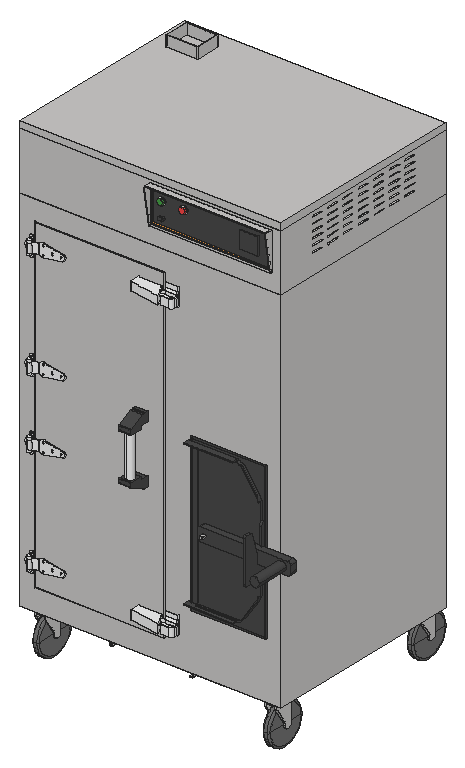
Revit family "QF_Southern Pride_SRG-400", category Specialty Equipment, Revit 2019
Family settings
  Round Connector Dimension = Use Diameter
  Part Type = Normal
  OmniClass Number = 23.40.40.00
  OmniClass Title = Food Service Equipment and Furnishings
  Work Plane-Based = No
  Always vertical = Yes
  Cut with Voids When Loaded = No
  Shared = No
  Room Calculation Point = No
Parameters
  Width = 40.750"  # constant formula
  Weight in Pounds = 780
  Watermarked By = ""
  Volts = 120 V
  URL Cutsheet = "https://www.southernpride.com/assets/uploads/Current%20Spec%20Sheets/2018_SRG-400_Spec%20Sheet%20120v_V1.pdf"
  URL = "www.southernpride.com"
  Status [instance] = ""
  Specification by User [instance] = ""
  Specification by Manufacturer [instance] = ""
  Show Clearance [instance] = yes
  Serial Number [instance] = ""
  Revision Code [instance] = ""
  Phase = 1
  Number of Poles [instance] = 1
  NAFEM Spec ID Number [instance] = ""
  Model = "SRG-400"
  Mechanical Remarks [instance] = ""
  Mechanical Connection Type [instance] = ""
  Masterspec [instance] = ""
  Manufacturer = "Southern Pride"  # constant formula
  Caster Height = 7.500"  # constant formula
  Item Number [instance] = "-"
  Installed By [instance] = ""
  Gas Size = 1/2"
  Gas RI Height [instance] = 0.000"
  Gas KW = 19
  Gas Input = 65000.0 Btu/h
  Gas Connection Height = 21.000"
  Furnished By [instance] = ""
  Foodservice Equipment Identifier = yes
  FL Amps = 15 A
  Electrical Remarks [instance] = ""
  Electric Connection Type = ""
  Elec Conn RI Height [instance] = 0.000"
  Elec Conn Connection Height = 30.125"
  Door Width = 20.000"  # constant formula
  Door Height = 51.000"  # constant formula
  Description = "Stationary Rack Smoker, Gas-Fired Wood Burning"
  Depth = 32.125"  # constant formula
  Cycle = 60 Hz
  Content Creator URL = "http://foodeqsym.com/"
  Content Creator = "Foodservice Equipment Symbols, LLC"  # constant formula
  Content Created = "01/04/2023"  # constant formula
  Conn Plug = "NEMA 5-15P"
  CSI MasterFormat = "11 44 00"
  Box Height = 67.875"  # constant formula
  Assembly Code = "E1090320"
  Apparent Power = if(Phase = 3, Volts * FL Amps * 1.73, Volts * FL Amps)  # 1800 VA
Reference planes
  plane 1 "BACK": y = 0
  plane 2: z = 0
  plane 3 "RIGHT": x = 963.531
  plane 4 "TOP": z = 1914.525
  plane 5 "LEFT": x = -71.519
  plane 6 "FRONT": y = -815.975
  plane 7 "Box Bottom": z = 190.5
  plane 8 "Vent Top": z = 1955.8
  plane 9 "Door Left": x = -8.019
  plane 10 "Door Right": x = 499.981
  plane 11 "Door Back": y = -790.575
  plane 12 "Center LR": x = 446.006
  plane 13 "Control Panel Left": x = 442.831
  plane 14 "Control Panel Right": x = 925.431
  plane 15 "Control Panel Left Inside": x = 446.006
  plane 16 "Control Panel Right Inside": x = 922.256
  plane 17 "Gas Connection CL LR": x = 753.981
  plane 18 "Gas Connection CL Elev": z = 533.4
  plane 19 "Gas Connection to Box": z = 715.962
  plane 20 "Gas Connection Bottom": z = 442.912
  plane 21 "Electrical Connection CL Elev": z = 765.175
  plane 22 "Gas Connection CL FB": y = 38.1
  plane 23 "Rear Clearance": y = 457.2
  plane 24 "Front Clearance": y = -2035.175
  plane 25 "Top Clearance": z = 2371.725
  plane 26 "Gearbox Clearance": x = -122.319
  plane 27 "Firebox Side Clearance": x = 1014.331
  plane 28 "Control Panel Bottom": z = 1725.613
  plane 29 "Control Panel Top": z = 1878.013
  plane 30 "Access Back": y = 88.9
  plane 31 "Door Bottom": z = 279.4
  plane 32 "Door Top": z = 1574.8
  plane 33 "Top Inside": z = 1660.525
  plane 34: z = 1889.125
Forms (mm)
  Extrusion 1, solid, material "QF_Stainless-Polished"
    sketch origin (0, 0, 0) x (1, 0, 0) y (0, 0, 1)
      loop
        line (-71.519, 1660.525) -> (-71.519, 190.5) -> (963.531, 190.5) -> (963.531, 1660.525) -> (-71.519, 1660.525)
    from 0 to 815.975
  Extrusion 2, void
    sketch origin (0, -790.575, 0) x (1, 0, 0) y (0, 0, 1)
      loop
        line (-12.795, 1579.575) -> (-12.795, 274.625) -> (504.756, 274.625) -> (504.756, 1579.575) -> (-12.795, 1579.575)
    from 0 to 25.4
  Extrusion 3, solid, material "QF_Stainless-Polished"
    sketch origin (0, 0, 1914.525) x (0, 1, 0) y (-1, 0, 0)
      loop
        arc (-161.925, 14.369) -> (-164.17, 13.439) -> (-165.1, 11.194) r 3.175
        line (-165.1, 11.194) -> (-165.1, -109.456)
        arc (-165.1, -109.456) -> (-164.17, -111.701) -> (-161.925, -112.631) r 3.175
        line (-161.925, -112.631) -> (-66.675, -112.631)
        arc (-66.675, -112.631) -> (-64.43, -111.701) -> (-63.5, -109.456) r 3.175
        line (-63.5, -109.456) -> (-63.5, 11.194)
        arc (-63.5, 11.194) -> (-64.43, 13.439) -> (-66.675, 14.369) r 3.175
        line (-66.675, 14.369) -> (-161.925, 14.369)
      loop
        line (-66.675, 11.194) -> (-161.925, 11.194) -> (-161.925, -109.456) -> (-66.675, -109.456) -> (-66.675, 11.194)
    from 0 to 41.275
  Extrusion 4, solid, material "QF_Stainless-Polished"
    sketch origin (442.831, 0, 0) x (0, 1, 0) y (0, 0, 1)
      loop
        line (-815.975, 1725.613) -> (-815.975, 1874.837) -> (-837.106, 1874.837)
        arc (-837.106, 1874.837) -> (-841.937, 1872.609) -> (-843.377, 1867.487) r 6.35
        line (-843.377, 1867.487) -> (-820.737, 1725.613) -> (-815.975, 1725.613)
    from 0 to 3.175
  Extrusion 5, solid, material "QF_Stainless-Polished"
    sketch origin (922.256, 0, 0) x (0, 1, 0) y (0, 0, 1)
      loop
        line (-815.975, 1874.837) -> (-837.106, 1874.837)
        arc (-837.106, 1874.837) -> (-841.937, 1872.609) -> (-843.377, 1867.487) r 6.35
        line (-843.377, 1867.487) -> (-820.737, 1725.613) -> (-815.975, 1725.613) -> (-815.975, 1874.837)
    from 0 to 3.175
  Extrusion 6, solid, material "QF_Stainless-Polished"
    sketch origin (446.006, 0, 0) x (0, 1, 0) y (0, 0, 1)
      loop
        line (-815.975, 1725.613) -> (-815.975, 1878.013) -> (-846.137, 1878.013) -> (-846.137, 1876.425) -> (-817.562, 1876.425) -> (-817.562, 1725.613) -> (-815.975, 1725.613)
    from 0 to 476.25
  Extrusion 7, solid, material "QF_Plastic-Orange"
    sketch origin (0, -815.975, 0) x (1, 0, 0) y (0, 0, 1)
      loop
        line (452.356, 1865.313) -> (452.356, 1738.313) -> (915.906, 1738.313) -> (915.906, 1865.313) -> (452.356, 1865.313)
      loop
        line (455.531, 1862.138) -> (455.531, 1741.488) -> (912.731, 1741.488) -> (912.731, 1862.138) -> (455.531, 1862.138)
    from 1.587 to 3.175
  Extrusion 8, solid, material "QF_Plastic-Black-Matte"
    sketch origin (0, -815.975, 0) x (1, 0, 0) y (0, 0, 1)
      loop
        line (452.356, 1865.313) -> (452.356, 1738.313) -> (915.906, 1738.313) -> (915.906, 1865.313) -> (452.356, 1865.313)
      loop
        line (455.531, 1862.138) -> (455.531, 1741.488) -> (912.731, 1741.488) -> (912.731, 1862.138) -> (455.531, 1862.138)
      loop
        line (449.181, 1868.488) -> (449.181, 1735.138) -> (919.081, 1735.138) -> (919.081, 1868.488) -> (449.181, 1868.488)
      loop
        circle (493.631, 1830.388) r 11.113
      loop
        circle (580.943, 1830.388) r 11.113
      loop
        line (487.281, 1763.713) -> (499.981, 1763.713)
        arc (499.981, 1763.713) -> (503.156, 1770.063) -> (499.981, 1776.413) r 7.938
        line (499.981, 1776.413) -> (487.281, 1776.413)
        arc (487.281, 1776.413) -> (484.106, 1770.063) -> (487.281, 1763.713) r 7.938
      loop
        line (876.218, 1839.913) -> (804.781, 1839.913) -> (804.781, 1770.063) -> (876.218, 1770.063) -> (876.218, 1839.913)
    from 1.6 to 3.175
  Extrusion 9, solid, material "QF_Plastic-Black-Fine Textured"
    sketch origin (0, -815.975, 0) x (1, 0, 0) y (0, 0, 1)
      loop
        line (804.781, 1839.913) -> (804.781, 1770.063) -> (876.218, 1770.063) -> (876.218, 1839.913) -> (804.781, 1839.913)
    from 1.6 to 6.35
  Extrusion 10, solid, material "QF_Plastic-Black-Fine Textured"
    sketch origin (0, -815.975, 0) x (1, 0, 0) y (0, 0, 1)
      loop
        arc (487.281, 1776.413) -> (484.106, 1770.063) -> (487.281, 1763.713) r 7.938
        line (487.281, 1763.713) -> (499.981, 1763.713)
        arc (499.981, 1763.713) -> (503.156, 1770.063) -> (499.981, 1776.413) r 7.938
        line (499.981, 1776.413) -> (487.281, 1776.413)
    from 1.6 to 12.7
  Extrusion 11, solid, material "QF_Plastic-Green"
    sketch origin (0, -815.975, 0) x (1, 0, 0) y (0, 0, 1)
      loop
        circle (493.631, 1830.388) r 11.112
    from 1.6 to 12.7
  Extrusion 12, solid, material "QF_Plastic-Red"
    sketch origin (0, -815.975, 0) x (1, 0, 0) y (0, 0, 1)
      loop
        circle (580.943, 1830.388) r 11.112
    from 1.6 to 12.7
  Extrusion 13, solid, material "QF_Steel-Chrome Plated"
    sketch origin (0, -815.975, 0) x (1, 0, 0) y (0, 0, 1)
      loop
        circle (493.631, 1830.388) r 11.112
      loop
        circle (493.631, 1830.388) r 14.287
      loop
        circle (580.943, 1830.388) r 11.112
      loop
        circle (580.943, 1830.388) r 14.287
    from 3.175 to 6.35
  Revolve 14, solid, material "QF_Stainless-Polished"
    sketch origin (753.981, 0, -12.7) x (0, 1, 0) y (0, 0, 1)
      loop
        line (0, 735.013) -> (17.094, 735.013) -> (17.094, 743.941) -> (10.871, 743.941) -> (10.871, 739.458) -> (0, 739.458) -> (0, 735.013)
      axis (17.094, 728.663) -> (0, 728.663)
    angle from 0 to 360
  Sweep 15, solid, material "QF_Stainless-Polished"
    path origin (753.981, 0, -12.7) x (0, 1, 0) y (0, 0, 1)
      loop
        line (17.094, 728.663) -> (19.05, 728.663)
        arc (19.05, 728.663) -> (32.52, 723.083) -> (38.1, 709.613) r 19.05
        line (38.1, 709.613) -> (38.1, 706.438)
    profile origin (753.981, 18.072, 715.962) x (0, 0, 1) y (1, 0, 0)
      loop
        circle (0, 0) r 6.35
      loop
        circle (0, 0) r 12.7
  Revolve 16, solid, material "QF_Stainless-Polished"
    sketch origin (753.981, 0, 123.825) x (0, 1, 0) y (0, 0, 1)
      loop
        line (44.45, 569.912) -> (44.45, 329.555) -> (38.1, 329.555) -> (38.1, 319.087) -> (44.132, 319.087)
        arc (44.132, 319.087) -> (47.725, 320.575) -> (49.213, 324.167) r 5.08
        line (49.213, 324.167) -> (49.213, 329.555) -> (53.378, 329.555) -> (53.378, 334.635) -> (49.213, 334.635) -> (49.213, 384.175) -> (53.378, 384.175) -> (53.378, 389.255) -> (49.212, 389.255) -> (49.212, 428.307) -> (53.378, 428.307) -> (53.378, 433.387) -> (49.212, 433.387) -> (49.212, 478.653) -> (53.149, 478.653) -> (53.149, 489.625) -> (48.8, 489.625) -> (48.8, 495.617) -> (48.8, 544.258) -> (53.149, 544.258) -> (53.149, 555.231) -> (48.895, 555.231) -> (48.895, 563.689) -> (53.378, 563.689) -> (53.378, 569.912) -> (44.45, 569.912)
      axis (38.1, 569.912) -> (38.1, 319.087)
    angle from 0 to 360
  Extrusion 17, void
    sketch origin (0, 80.963, -12.7) x (1, 0, 0) y (0, 0, 1)
      loop
        circle (753.981, 546.1) r 6.35
    from 0 to 42.863
  Revolve 18, solid, material "QF_Stainless-Polished"
    sketch origin (753.981, -730.25, 793.75) x (0, 0, -1) y (0, 1, 0)
      loop
        line (266.7, 793.75) -> (266.7, 768.35) -> (269.875, 768.35) -> (269.875, 788.67) -> (275.628, 788.67) -> (275.628, 793.75) -> (266.7, 793.75)
      axis (260.35, 793.75) -> (260.35, 768.35)
    angle from 0 to 360
  Extrusion 19, solid, material "QF_Stainless-Polished"
    sketch origin (753.981, 0, -34.925) x (0, 1, 0) y (0, 0, 1)
      loop
        line (22.352, 703.009) -> (22.352, 648.375) -> (60.452, 648.375) -> (60.452, 703.009) -> (22.352, 703.009)
    from -25.121 to 25.121
  Extrusion 20, solid, material "QF_Stainless-Polished"
    sketch origin (0, 80.963, -22.225) x (1, 0, 0) y (0, 0, 1)
      loop
        circle (753.981, 662.992) r 8.052
    from 0 to 20.511
  Extrusion 21, solid, material "QF_Stainless-Polished"
    sketch origin (800.1, 0, 715.962) x (0, 1, 0) y (-1, 0, 0)
      loop
        line (78.753, 25.164) -> (78.753, 67.074)
        arc (78.753, 67.074) -> (70.803, 75.025) -> (62.852, 67.074) r 7.95
        line (62.852, 67.074) -> (62.852, 25.164)
        arc (62.852, 25.164) -> (70.803, 17.214) -> (78.753, 25.164) r 7.95
    from -77.724 to -72.644
  Extrusion 22, void
    sketch origin (0, 0, 0) x (1, 0, 0) y (0, 0, 1)
      loop
        circle (884.156, 765.175) r 12.7
    from 0 to 1.6
  Extrusion 23, solid, material "QF_Clearance", visible <- "Show Clearance", detail levels coarse+medium
    sketch origin (0, 0, 0) x (1, 0, 0) y (0, 1, 0)
      loop
        line (-122.319, 457.2) -> (-122.319, 88.9) -> (1014.331, 88.9) -> (1014.331, 457.2) -> (-122.319, 457.2)
    from 0 to 1914.525
  Extrusion 24, solid, material "QF_Clearance", visible <- "Show Clearance", detail levels coarse+medium
    sketch origin (92.45, -27.446, 0) x (1, 0, 0) y (0, 1, 0)
      loop
        line (-214.77, 116.346) -> (-214.77, -788.529) -> (-163.97, -788.529) -> (-163.97, 116.346) -> (-214.77, 116.346)
    from 0 to 1914.525
  Extrusion 25, solid, material "QF_Clearance", visible <- "Show Clearance", detail levels coarse+medium
    sketch origin (0, 0, 0) x (1, 0, 0) y (0, 1, 0)
      loop
        line (963.531, 88.9) -> (963.531, -815.975) -> (1014.331, -815.975) -> (1014.331, 88.9) -> (963.531, 88.9)
    from 0 to 1914.525
  Extrusion 26, solid, material "QF_Clearance", visible <- "Show Clearance", detail levels coarse+medium
    sketch origin (0, 0, 0) x (1, 0, 0) y (0, 1, 0)
      loop
        line (-71.519, -1336.675) -> (-71.519, -2035.175) -> (963.531, -2035.175) -> (963.531, -1336.675) -> (-71.519, -1336.675)
    from 0 to 1914.525
  Extrusion 27, solid, material "QF_Clearance", visible <- "Show Clearance", detail levels coarse+medium
    sketch origin (-71.519, 0, 42.553) x (0, 1, 0) y (0, 0, 1)
      loop
        line (-815.975, 1913.247) -> (0, 1913.247) -> (0, 2329.172) -> (-815.975, 2329.172) -> (-815.975, 1913.247)
    from 0 to 1035.05
  Extrusion 28, solid, material "QF_Stainless-Polished"
    sketch origin (0, 0, 1660.525) x (0, 1, 0) y (-1, 0, 0)
      loop
        line (0, 71.519) -> (-815.975, 71.519) -> (-815.975, -963.531) -> (0, -963.531) -> (0, 71.519)
      loop
        line (-3.175, 68.344) -> (-812.8, 68.344) -> (-812.8, -960.356) -> (-3.175, -960.356) -> (-3.175, 68.344)
    from 0 to 228.6
  Extrusion 29, solid, material "QF_Stainless-Polished"
    sketch origin (0, 0, 1914.525) x (0, 1, 0) y (-1, 0, 0)
      loop
        line (0, 71.519) -> (-815.975, 71.519) -> (-815.975, -963.531) -> (0, -963.531) -> (0, 71.519)
    from 0 to -25.4
  Extrusion 30, void
    sketch origin (-71.519, 0, 0) x (0, 1, 0) y (0, 0, 1)
      loop
        arc (-152.4, 1863.725) -> (-155.19, 1870.46) -> (-161.925, 1873.25) r 9.525
        line (-161.925, 1873.25) -> (-200.025, 1873.25)
        arc (-200.025, 1873.25) -> (-206.76, 1870.46) -> (-209.55, 1863.725) r 9.525
        line (-209.55, 1863.725) -> (-152.4, 1863.725)
      loop
        arc (-152.4, 1838.325) -> (-155.19, 1845.06) -> (-161.925, 1847.85) r 9.525
        line (-161.925, 1847.85) -> (-200.025, 1847.85)
        arc (-200.025, 1847.85) -> (-206.76, 1845.06) -> (-209.55, 1838.325) r 9.525
        line (-209.55, 1838.325) -> (-152.4, 1838.325)
      loop
        arc (-152.4, 1812.925) -> (-155.19, 1819.66) -> (-161.925, 1822.45) r 9.525
        line (-161.925, 1822.45) -> (-200.025, 1822.45)
        arc (-200.025, 1822.45) -> (-206.76, 1819.66) -> (-209.55, 1812.925) r 9.525
        line (-209.55, 1812.925) -> (-152.4, 1812.925)
      loop
        arc (-152.4, 1787.525) -> (-155.19, 1794.26) -> (-161.925, 1797.05) r 9.525
        line (-161.925, 1797.05) -> (-200.025, 1797.05)
        arc (-200.025, 1797.05) -> (-206.76, 1794.26) -> (-209.55, 1787.525) r 9.525
        line (-209.55, 1787.525) -> (-152.4, 1787.525)
      loop
        arc (-152.4, 1762.125) -> (-155.19, 1768.86) -> (-161.925, 1771.65) r 9.525
        line (-161.925, 1771.65) -> (-200.025, 1771.65)
        arc (-200.025, 1771.65) -> (-206.76, 1768.86) -> (-209.55, 1762.125) r 9.525
        line (-209.55, 1762.125) -> (-152.4, 1762.125)
      loop
        arc (-152.4, 1736.725) -> (-155.19, 1743.46) -> (-161.925, 1746.25) r 9.525
        line (-161.925, 1746.25) -> (-200.025, 1746.25)
        arc (-200.025, 1746.25) -> (-206.76, 1743.46) -> (-209.55, 1736.725) r 9.525
        line (-209.55, 1736.725) -> (-152.4, 1736.725)
      loop
        arc (-228.6, 1863.725) -> (-231.39, 1870.46) -> (-238.125, 1873.25) r 9.525
        line (-238.125, 1873.25) -> (-276.225, 1873.25)
        arc (-276.225, 1873.25) -> (-282.96, 1870.46) -> (-285.75, 1863.725) r 9.525
        line (-285.75, 1863.725) -> (-228.6, 1863.725)
      loop
        arc (-228.6, 1838.325) -> (-231.39, 1845.06) -> (-238.125, 1847.85) r 9.525
        line (-238.125, 1847.85) -> (-276.225, 1847.85)
        arc (-276.225, 1847.85) -> (-282.96, 1845.06) -> (-285.75, 1838.325) r 9.525
        line (-285.75, 1838.325) -> (-228.6, 1838.325)
      loop
        arc (-228.6, 1812.925) -> (-231.39, 1819.66) -> (-238.125, 1822.45) r 9.525
        line (-238.125, 1822.45) -> (-276.225, 1822.45)
        arc (-276.225, 1822.45) -> (-282.96, 1819.66) -> (-285.75, 1812.925) r 9.525
        line (-285.75, 1812.925) -> (-228.6, 1812.925)
      loop
        arc (-228.6, 1787.525) -> (-231.39, 1794.26) -> (-238.125, 1797.05) r 9.525
        line (-238.125, 1797.05) -> (-276.225, 1797.05)
        arc (-276.225, 1797.05) -> (-282.96, 1794.26) -> (-285.75, 1787.525) r 9.525
        line (-285.75, 1787.525) -> (-228.6, 1787.525)
      loop
        arc (-228.6, 1762.125) -> (-231.39, 1768.86) -> (-238.125, 1771.65) r 9.525
        line (-238.125, 1771.65) -> (-276.225, 1771.65)
        arc (-276.225, 1771.65) -> (-282.96, 1768.86) -> (-285.75, 1762.125) r 9.525
        line (-285.75, 1762.125) -> (-228.6, 1762.125)
      loop
        arc (-228.6, 1736.725) -> (-231.39, 1743.46) -> (-238.125, 1746.25) r 9.525
        line (-238.125, 1746.25) -> (-276.225, 1746.25)
        arc (-276.225, 1746.25) -> (-282.96, 1743.46) -> (-285.75, 1736.725) r 9.525
        line (-285.75, 1736.725) -> (-228.6, 1736.725)
      loop
        arc (-304.8, 1863.725) -> (-307.59, 1870.46) -> (-314.325, 1873.25) r 9.525
        line (-314.325, 1873.25) -> (-352.425, 1873.25)
        arc (-352.425, 1873.25) -> (-359.16, 1870.46) -> (-361.95, 1863.725) r 9.525
        line (-361.95, 1863.725) -> (-304.8, 1863.725)
      loop
        arc (-304.8, 1838.325) -> (-307.59, 1845.06) -> (-314.325, 1847.85) r 9.525
        line (-314.325, 1847.85) -> (-352.425, 1847.85)
        arc (-352.425, 1847.85) -> (-359.16, 1845.06) -> (-361.95, 1838.325) r 9.525
        line (-361.95, 1838.325) -> (-304.8, 1838.325)
      loop
        arc (-304.8, 1812.925) -> (-307.59, 1819.66) -> (-314.325, 1822.45) r 9.525
        line (-314.325, 1822.45) -> (-352.425, 1822.45)
        arc (-352.425, 1822.45) -> (-359.16, 1819.66) -> (-361.95, 1812.925) r 9.525
        line (-361.95, 1812.925) -> (-304.8, 1812.925)
      loop
        arc (-304.8, 1787.525) -> (-307.59, 1794.26) -> (-314.325, 1797.05) r 9.525
        line (-314.325, 1797.05) -> (-352.425, 1797.05)
        arc (-352.425, 1797.05) -> (-359.16, 1794.26) -> (-361.95, 1787.525) r 9.525
        line (-361.95, 1787.525) -> (-304.8, 1787.525)
      loop
        arc (-304.8, 1762.125) -> (-307.59, 1768.86) -> (-314.325, 1771.65) r 9.525
        line (-314.325, 1771.65) -> (-352.425, 1771.65)
        arc (-352.425, 1771.65) -> (-359.16, 1768.86) -> (-361.95, 1762.125) r 9.525
        line (-361.95, 1762.125) -> (-304.8, 1762.125)
      loop
        arc (-304.8, 1736.725) -> (-307.59, 1743.46) -> (-314.325, 1746.25) r 9.525
        line (-314.325, 1746.25) -> (-352.425, 1746.25)
        arc (-352.425, 1746.25) -> (-359.16, 1743.46) -> (-361.95, 1736.725) r 9.525
        line (-361.95, 1736.725) -> (-304.8, 1736.725)
      loop
        arc (-381, 1863.725) -> (-383.79, 1870.46) -> (-390.525, 1873.25) r 9.525
        line (-390.525, 1873.25) -> (-428.625, 1873.25)
        arc (-428.625, 1873.25) -> (-435.36, 1870.46) -> (-438.15, 1863.725) r 9.525
        line (-438.15, 1863.725) -> (-381, 1863.725)
      loop
        arc (-381, 1838.325) -> (-383.79, 1845.06) -> (-390.525, 1847.85) r 9.525
        line (-390.525, 1847.85) -> (-428.625, 1847.85)
        arc (-428.625, 1847.85) -> (-435.36, 1845.06) -> (-438.15, 1838.325) r 9.525
        line (-438.15, 1838.325) -> (-381, 1838.325)
      loop
        arc (-381, 1812.925) -> (-383.79, 1819.66) -> (-390.525, 1822.45) r 9.525
        line (-390.525, 1822.45) -> (-428.625, 1822.45)
        arc (-428.625, 1822.45) -> (-435.36, 1819.66) -> (-438.15, 1812.925) r 9.525
        line (-438.15, 1812.925) -> (-381, 1812.925)
      loop
        arc (-381, 1787.525) -> (-383.79, 1794.26) -> (-390.525, 1797.05) r 9.525
        line (-390.525, 1797.05) -> (-428.625, 1797.05)
        arc (-428.625, 1797.05) -> (-435.36, 1794.26) -> (-438.15, 1787.525) r 9.525
        line (-438.15, 1787.525) -> (-381, 1787.525)
      loop
        arc (-381, 1762.125) -> (-383.79, 1768.86) -> (-390.525, 1771.65) r 9.525
        line (-390.525, 1771.65) -> (-428.625, 1771.65)
        arc (-428.625, 1771.65) -> (-435.36, 1768.86) -> (-438.15, 1762.125) r 9.525
        line (-438.15, 1762.125) -> (-381, 1762.125)
      loop
        arc (-381, 1736.725) -> (-383.79, 1743.46) -> (-390.525, 1746.25) r 9.525
        line (-390.525, 1746.25) -> (-428.625, 1746.25)
        arc (-428.625, 1746.25) -> (-435.36, 1743.46) -> (-438.15, 1736.725) r 9.525
        line (-438.15, 1736.725) -> (-381, 1736.725)
      loop
        arc (-457.2, 1863.725) -> (-459.99, 1870.46) -> (-466.725, 1873.25) r 9.525
        line (-466.725, 1873.25) -> (-504.825, 1873.25)
        arc (-504.825, 1873.25) -> (-511.56, 1870.46) -> (-514.35, 1863.725) r 9.525
        line (-514.35, 1863.725) -> (-457.2, 1863.725)
      loop
        arc (-457.2, 1838.325) -> (-459.99, 1845.06) -> (-466.725, 1847.85) r 9.525
        line (-466.725, 1847.85) -> (-504.825, 1847.85)
        arc (-504.825, 1847.85) -> (-511.56, 1845.06) -> (-514.35, 1838.325) r 9.525
        line (-514.35, 1838.325) -> (-457.2, 1838.325)
      loop
        arc (-457.2, 1812.925) -> (-459.99, 1819.66) -> (-466.725, 1822.45) r 9.525
        line (-466.725, 1822.45) -> (-504.825, 1822.45)
        arc (-504.825, 1822.45) -> (-511.56, 1819.66) -> (-514.35, 1812.925) r 9.525
        line (-514.35, 1812.925) -> (-457.2, 1812.925)
      loop
        arc (-457.2, 1787.525) -> (-459.99, 1794.26) -> (-466.725, 1797.05) r 9.525
        line (-466.725, 1797.05) -> (-504.825, 1797.05)
        arc (-504.825, 1797.05) -> (-511.56, 1794.26) -> (-514.35, 1787.525) r 9.525
        line (-514.35, 1787.525) -> (-457.2, 1787.525)
      loop
        arc (-457.2, 1762.125) -> (-459.99, 1768.86) -> (-466.725, 1771.65) r 9.525
        line (-466.725, 1771.65) -> (-504.825, 1771.65)
        arc (-504.825, 1771.65) -> (-511.56, 1768.86) -> (-514.35, 1762.125) r 9.525
        line (-514.35, 1762.125) -> (-457.2, 1762.125)
      loop
        arc (-457.2, 1736.725) -> (-459.99, 1743.46) -> (-466.725, 1746.25) r 9.525
        line (-466.725, 1746.25) -> (-504.825, 1746.25)
        arc (-504.825, 1746.25) -> (-511.56, 1743.46) -> (-514.35, 1736.725) r 9.525
        line (-514.35, 1736.725) -> (-457.2, 1736.725)
      loop
        arc (-533.4, 1863.725) -> (-536.19, 1870.46) -> (-542.925, 1873.25) r 9.525
        line (-542.925, 1873.25) -> (-581.025, 1873.25)
        arc (-581.025, 1873.25) -> (-587.76, 1870.46) -> (-590.55, 1863.725) r 9.525
        line (-590.55, 1863.725) -> (-533.4, 1863.725)
      loop
        arc (-533.4, 1838.325) -> (-536.19, 1845.06) -> (-542.925, 1847.85) r 9.525
        line (-542.925, 1847.85) -> (-581.025, 1847.85)
        arc (-581.025, 1847.85) -> (-587.76, 1845.06) -> (-590.55, 1838.325) r 9.525
        line (-590.55, 1838.325) -> (-533.4, 1838.325)
      loop
        arc (-533.4, 1812.925) -> (-536.19, 1819.66) -> (-542.925, 1822.45) r 9.525
        line (-542.925, 1822.45) -> (-581.025, 1822.45)
        arc (-581.025, 1822.45) -> (-587.76, 1819.66) -> (-590.55, 1812.925) r 9.525
        line (-590.55, 1812.925) -> (-533.4, 1812.925)
      loop
        arc (-533.4, 1787.525) -> (-536.19, 1794.26) -> (-542.925, 1797.05) r 9.525
        line (-542.925, 1797.05) -> (-581.025, 1797.05)
        arc (-581.025, 1797.05) -> (-587.76, 1794.26) -> (-590.55, 1787.525) r 9.525
        line (-590.55, 1787.525) -> (-533.4, 1787.525)
      loop
        arc (-533.4, 1762.125) -> (-536.19, 1768.86) -> (-542.925, 1771.65) r 9.525
        line (-542.925, 1771.65) -> (-581.025, 1771.65)
        arc (-581.025, 1771.65) -> (-587.76, 1768.86) -> (-590.55, 1762.125) r 9.525
        line (-590.55, 1762.125) -> (-533.4, 1762.125)
      loop
        arc (-533.4, 1736.725) -> (-536.19, 1743.46) -> (-542.925, 1746.25) r 9.525
        line (-542.925, 1746.25) -> (-581.025, 1746.25)
        arc (-581.025, 1746.25) -> (-587.76, 1743.46) -> (-590.55, 1736.725) r 9.525
        line (-590.55, 1736.725) -> (-533.4, 1736.725)
      loop
        arc (-609.6, 1863.725) -> (-612.39, 1870.46) -> (-619.125, 1873.25) r 9.525
        line (-619.125, 1873.25) -> (-657.225, 1873.25)
        arc (-657.225, 1873.25) -> (-663.96, 1870.46) -> (-666.75, 1863.725) r 9.525
        line (-666.75, 1863.725) -> (-609.6, 1863.725)
      loop
        arc (-609.6, 1838.325) -> (-612.39, 1845.06) -> (-619.125, 1847.85) r 9.525
        line (-619.125, 1847.85) -> (-657.225, 1847.85)
        arc (-657.225, 1847.85) -> (-663.96, 1845.06) -> (-666.75, 1838.325) r 9.525
        line (-666.75, 1838.325) -> (-609.6, 1838.325)
      loop
        arc (-609.6, 1812.925) -> (-612.39, 1819.66) -> (-619.125, 1822.45) r 9.525
        line (-619.125, 1822.45) -> (-657.225, 1822.45)
        arc (-657.225, 1822.45) -> (-663.96, 1819.66) -> (-666.75, 1812.925) r 9.525
        line (-666.75, 1812.925) -> (-609.6, 1812.925)
      loop
        arc (-609.6, 1787.525) -> (-612.39, 1794.26) -> (-619.125, 1797.05) r 9.525
        line (-619.125, 1797.05) -> (-657.225, 1797.05)
        arc (-657.225, 1797.05) -> (-663.96, 1794.26) -> (-666.75, 1787.525) r 9.525
        line (-666.75, 1787.525) -> (-609.6, 1787.525)
      loop
        arc (-609.6, 1762.125) -> (-612.39, 1768.86) -> (-619.125, 1771.65) r 9.525
        line (-619.125, 1771.65) -> (-657.225, 1771.65)
        arc (-657.225, 1771.65) -> (-663.96, 1768.86) -> (-666.75, 1762.125) r 9.525
        line (-666.75, 1762.125) -> (-609.6, 1762.125)
      loop
        arc (-609.6, 1736.725) -> (-612.39, 1743.46) -> (-619.125, 1746.25) r 9.525
        line (-619.125, 1746.25) -> (-657.225, 1746.25)
        arc (-657.225, 1746.25) -> (-663.96, 1743.46) -> (-666.75, 1736.725) r 9.525
        line (-666.75, 1736.725) -> (-609.6, 1736.725)
    from 0 to 1035.05
  Extrusion 31, void
    sketch origin (0, 0, 0) x (1, 0, 0) y (0, 0, 1)
      loop
        arc (417.431, 1730.375) -> (420.22, 1723.64) -> (426.956, 1720.85) r 9.525
        line (426.956, 1720.85) -> (465.056, 1720.85)
        arc (465.056, 1720.85) -> (471.791, 1723.64) -> (474.581, 1730.375) r 9.525
        line (474.581, 1730.375) -> (417.431, 1730.375)
      loop
        arc (417.431, 1755.775) -> (420.22, 1749.04) -> (426.956, 1746.25) r 9.525
        line (426.956, 1746.25) -> (465.056, 1746.25)
        arc (465.056, 1746.25) -> (471.791, 1749.04) -> (474.581, 1755.775) r 9.525
        line (474.581, 1755.775) -> (417.431, 1755.775)
      loop
        arc (417.431, 1781.175) -> (420.22, 1774.44) -> (426.956, 1771.65) r 9.525
        line (426.956, 1771.65) -> (465.056, 1771.65)
        arc (465.056, 1771.65) -> (471.791, 1774.44) -> (474.581, 1781.175) r 9.525
        line (474.581, 1781.175) -> (417.431, 1781.175)
      loop
        arc (417.431, 1806.575) -> (420.22, 1799.84) -> (426.956, 1797.05) r 9.525
        line (426.956, 1797.05) -> (465.056, 1797.05)
        arc (465.056, 1797.05) -> (471.791, 1799.84) -> (474.581, 1806.575) r 9.525
        line (474.581, 1806.575) -> (417.431, 1806.575)
      loop
        arc (417.431, 1831.975) -> (420.22, 1825.24) -> (426.956, 1822.45) r 9.525
        line (426.956, 1822.45) -> (465.056, 1822.45)
        arc (465.056, 1822.45) -> (471.791, 1825.24) -> (474.581, 1831.975) r 9.525
        line (474.581, 1831.975) -> (417.431, 1831.975)
      loop
        arc (417.431, 1857.375) -> (420.22, 1850.64) -> (426.956, 1847.85) r 9.525
        line (426.956, 1847.85) -> (465.056, 1847.85)
        arc (465.056, 1847.85) -> (471.791, 1850.64) -> (474.581, 1857.375) r 9.525
        line (474.581, 1857.375) -> (417.431, 1857.375)
      loop
        arc (493.631, 1730.375) -> (496.42, 1723.64) -> (503.156, 1720.85) r 9.525
        line (503.156, 1720.85) -> (541.256, 1720.85)
        arc (541.256, 1720.85) -> (547.991, 1723.64) -> (550.781, 1730.375) r 9.525
        line (550.781, 1730.375) -> (493.631, 1730.375)
      loop
        arc (493.631, 1755.775) -> (496.42, 1749.04) -> (503.156, 1746.25) r 9.525
        line (503.156, 1746.25) -> (541.256, 1746.25)
        arc (541.256, 1746.25) -> (547.991, 1749.04) -> (550.781, 1755.775) r 9.525
        line (550.781, 1755.775) -> (493.631, 1755.775)
      loop
        arc (493.631, 1781.175) -> (496.42, 1774.44) -> (503.156, 1771.65) r 9.525
        line (503.156, 1771.65) -> (541.256, 1771.65)
        arc (541.256, 1771.65) -> (547.991, 1774.44) -> (550.781, 1781.175) r 9.525
        line (550.781, 1781.175) -> (493.631, 1781.175)
      loop
        arc (493.631, 1806.575) -> (496.42, 1799.84) -> (503.156, 1797.05) r 9.525
        line (503.156, 1797.05) -> (541.256, 1797.05)
        arc (541.256, 1797.05) -> (547.991, 1799.84) -> (550.781, 1806.575) r 9.525
        line (550.781, 1806.575) -> (493.631, 1806.575)
      loop
        arc (493.631, 1831.975) -> (496.42, 1825.24) -> (503.156, 1822.45) r 9.525
        line (503.156, 1822.45) -> (541.256, 1822.45)
        arc (541.256, 1822.45) -> (547.991, 1825.24) -> (550.781, 1831.975) r 9.525
        line (550.781, 1831.975) -> (493.631, 1831.975)
      loop
        arc (493.631, 1857.375) -> (496.42, 1850.64) -> (503.156, 1847.85) r 9.525
        line (503.156, 1847.85) -> (541.256, 1847.85)
        arc (541.256, 1847.85) -> (547.991, 1850.64) -> (550.781, 1857.375) r 9.525
        line (550.781, 1857.375) -> (493.631, 1857.375)
      loop
        arc (569.831, 1730.375) -> (572.62, 1723.64) -> (579.356, 1720.85) r 9.525
        line (579.356, 1720.85) -> (617.456, 1720.85)
        arc (617.456, 1720.85) -> (624.191, 1723.64) -> (626.981, 1730.375) r 9.525
        line (626.981, 1730.375) -> (569.831, 1730.375)
      loop
        arc (569.831, 1755.775) -> (572.62, 1749.04) -> (579.356, 1746.25) r 9.525
        line (579.356, 1746.25) -> (617.456, 1746.25)
        arc (617.456, 1746.25) -> (624.191, 1749.04) -> (626.981, 1755.775) r 9.525
        line (626.981, 1755.775) -> (569.831, 1755.775)
      loop
        arc (569.831, 1781.175) -> (572.62, 1774.44) -> (579.356, 1771.65) r 9.525
        line (579.356, 1771.65) -> (617.456, 1771.65)
        arc (617.456, 1771.65) -> (624.191, 1774.44) -> (626.981, 1781.175) r 9.525
        line (626.981, 1781.175) -> (569.831, 1781.175)
      loop
        arc (569.831, 1806.575) -> (572.62, 1799.84) -> (579.356, 1797.05) r 9.525
        line (579.356, 1797.05) -> (617.456, 1797.05)
        arc (617.456, 1797.05) -> (624.191, 1799.84) -> (626.981, 1806.575) r 9.525
        line (626.981, 1806.575) -> (569.831, 1806.575)
      loop
        arc (569.831, 1831.975) -> (572.62, 1825.24) -> (579.356, 1822.45) r 9.525
        line (579.356, 1822.45) -> (617.456, 1822.45)
        arc (617.456, 1822.45) -> (624.191, 1825.24) -> (626.981, 1831.975) r 9.525
        line (626.981, 1831.975) -> (569.831, 1831.975)
      loop
        arc (569.831, 1857.375) -> (572.62, 1850.64) -> (579.356, 1847.85) r 9.525
        line (579.356, 1847.85) -> (617.456, 1847.85)
        arc (617.456, 1847.85) -> (624.191, 1850.64) -> (626.981, 1857.375) r 9.525
        line (626.981, 1857.375) -> (569.831, 1857.375)
      loop
        arc (646.031, 1730.375) -> (648.82, 1723.64) -> (655.556, 1720.85) r 9.525
        line (655.556, 1720.85) -> (693.656, 1720.85)
        arc (693.656, 1720.85) -> (700.391, 1723.64) -> (703.181, 1730.375) r 9.525
        line (703.181, 1730.375) -> (646.031, 1730.375)
      loop
        arc (646.031, 1755.775) -> (648.82, 1749.04) -> (655.556, 1746.25) r 9.525
        line (655.556, 1746.25) -> (693.656, 1746.25)
        arc (693.656, 1746.25) -> (700.391, 1749.04) -> (703.181, 1755.775) r 9.525
        line (703.181, 1755.775) -> (646.031, 1755.775)
      loop
        arc (646.031, 1781.175) -> (648.82, 1774.44) -> (655.556, 1771.65) r 9.525
        line (655.556, 1771.65) -> (693.656, 1771.65)
        arc (693.656, 1771.65) -> (700.391, 1774.44) -> (703.181, 1781.175) r 9.525
        line (703.181, 1781.175) -> (646.031, 1781.175)
      loop
        arc (646.031, 1806.575) -> (648.82, 1799.84) -> (655.556, 1797.05) r 9.525
        line (655.556, 1797.05) -> (693.656, 1797.05)
        arc (693.656, 1797.05) -> (700.391, 1799.84) -> (703.181, 1806.575) r 9.525
        line (703.181, 1806.575) -> (646.031, 1806.575)
      loop
        arc (646.031, 1831.975) -> (648.82, 1825.24) -> (655.556, 1822.45) r 9.525
        line (655.556, 1822.45) -> (693.656, 1822.45)
        arc (693.656, 1822.45) -> (700.391, 1825.24) -> (703.181, 1831.975) r 9.525
        line (703.181, 1831.975) -> (646.031, 1831.975)
      loop
        arc (646.031, 1857.375) -> (648.82, 1850.64) -> (655.556, 1847.85) r 9.525
        line (655.556, 1847.85) -> (693.656, 1847.85)
        arc (693.656, 1847.85) -> (700.391, 1850.64) -> (703.181, 1857.375) r 9.525
        line (703.181, 1857.375) -> (646.031, 1857.375)
      loop
        arc (722.231, 1730.375) -> (725.02, 1723.64) -> (731.756, 1720.85) r 9.525
        line (731.756, 1720.85) -> (769.856, 1720.85)
        arc (769.856, 1720.85) -> (776.591, 1723.64) -> (779.381, 1730.375) r 9.525
        line (779.381, 1730.375) -> (722.231, 1730.375)
      loop
        arc (722.231, 1755.775) -> (725.02, 1749.04) -> (731.756, 1746.25) r 9.525
        line (731.756, 1746.25) -> (769.856, 1746.25)
        arc (769.856, 1746.25) -> (776.591, 1749.04) -> (779.381, 1755.775) r 9.525
        line (779.381, 1755.775) -> (722.231, 1755.775)
      loop
        arc (722.231, 1781.175) -> (725.02, 1774.44) -> (731.756, 1771.65) r 9.525
        line (731.756, 1771.65) -> (769.856, 1771.65)
        arc (769.856, 1771.65) -> (776.591, 1774.44) -> (779.381, 1781.175) r 9.525
        line (779.381, 1781.175) -> (722.231, 1781.175)
      loop
        arc (722.231, 1806.575) -> (725.02, 1799.84) -> (731.756, 1797.05) r 9.525
        line (731.756, 1797.05) -> (769.856, 1797.05)
        arc (769.856, 1797.05) -> (776.591, 1799.84) -> (779.381, 1806.575) r 9.525
        line (779.381, 1806.575) -> (722.231, 1806.575)
      loop
        arc (722.231, 1831.975) -> (725.02, 1825.24) -> (731.756, 1822.45) r 9.525
        line (731.756, 1822.45) -> (769.856, 1822.45)
        arc (769.856, 1822.45) -> (776.591, 1825.24) -> (779.381, 1831.975) r 9.525
        line (779.381, 1831.975) -> (722.231, 1831.975)
      loop
        arc (722.231, 1857.375) -> (725.02, 1850.64) -> (731.756, 1847.85) r 9.525
        line (731.756, 1847.85) -> (769.856, 1847.85)
        arc (769.856, 1847.85) -> (776.591, 1850.64) -> (779.381, 1857.375) r 9.525
        line (779.381, 1857.375) -> (722.231, 1857.375)
      loop
        arc (798.431, 1730.375) -> (801.22, 1723.64) -> (807.956, 1720.85) r 9.525
        line (807.956, 1720.85) -> (846.056, 1720.85)
        arc (846.056, 1720.85) -> (852.791, 1723.64) -> (855.581, 1730.375) r 9.525
        line (855.581, 1730.375) -> (798.431, 1730.375)
      loop
        arc (798.431, 1755.775) -> (801.22, 1749.04) -> (807.956, 1746.25) r 9.525
        line (807.956, 1746.25) -> (846.056, 1746.25)
        arc (846.056, 1746.25) -> (852.791, 1749.04) -> (855.581, 1755.775) r 9.525
        line (855.581, 1755.775) -> (798.431, 1755.775)
      loop
        arc (798.431, 1781.175) -> (801.22, 1774.44) -> (807.956, 1771.65) r 9.525
        line (807.956, 1771.65) -> (846.056, 1771.65)
        arc (846.056, 1771.65) -> (852.791, 1774.44) -> (855.581, 1781.175) r 9.525
        line (855.581, 1781.175) -> (798.431, 1781.175)
      loop
        arc (798.431, 1806.575) -> (801.22, 1799.84) -> (807.956, 1797.05) r 9.525
        line (807.956, 1797.05) -> (846.056, 1797.05)
        arc (846.056, 1797.05) -> (852.791, 1799.84) -> (855.581, 1806.575) r 9.525
        line (855.581, 1806.575) -> (798.431, 1806.575)
      loop
        arc (798.431, 1831.975) -> (801.22, 1825.24) -> (807.956, 1822.45) r 9.525
        line (807.956, 1822.45) -> (846.056, 1822.45)
        arc (846.056, 1822.45) -> (852.791, 1825.24) -> (855.581, 1831.975) r 9.525
        line (855.581, 1831.975) -> (798.431, 1831.975)
      loop
        arc (798.431, 1857.375) -> (801.22, 1850.64) -> (807.956, 1847.85) r 9.525
        line (807.956, 1847.85) -> (846.056, 1847.85)
        arc (846.056, 1847.85) -> (852.791, 1850.64) -> (855.581, 1857.375) r 9.525
        line (855.581, 1857.375) -> (798.431, 1857.375)
      loop
        line (398.381, 1730.375) -> (341.231, 1730.375)
        arc (341.231, 1730.375) -> (344.02, 1723.64) -> (350.756, 1720.85) r 9.525
        line (350.756, 1720.85) -> (388.856, 1720.85)
        arc (388.856, 1720.85) -> (395.591, 1723.64) -> (398.381, 1730.375) r 9.525
      loop
        line (398.381, 1755.775) -> (341.231, 1755.775)
        arc (341.231, 1755.775) -> (344.02, 1749.04) -> (350.756, 1746.25) r 9.525
        line (350.756, 1746.25) -> (388.856, 1746.25)
        arc (388.856, 1746.25) -> (395.591, 1749.04) -> (398.381, 1755.775) r 9.525
      loop
        line (398.381, 1781.175) -> (341.231, 1781.175)
        arc (341.231, 1781.175) -> (344.02, 1774.44) -> (350.756, 1771.65) r 9.525
        line (350.756, 1771.65) -> (388.856, 1771.65)
        arc (388.856, 1771.65) -> (395.591, 1774.44) -> (398.381, 1781.175) r 9.525
      loop
        line (398.381, 1806.575) -> (341.231, 1806.575)
        arc (341.231, 1806.575) -> (344.02, 1799.84) -> (350.756, 1797.05) r 9.525
        line (350.756, 1797.05) -> (388.856, 1797.05)
        arc (388.856, 1797.05) -> (395.591, 1799.84) -> (398.381, 1806.575) r 9.525
      loop
        line (398.381, 1831.975) -> (341.231, 1831.975)
        arc (341.231, 1831.975) -> (344.02, 1825.24) -> (350.756, 1822.45) r 9.525
        line (350.756, 1822.45) -> (388.856, 1822.45)
        arc (388.856, 1822.45) -> (395.591, 1825.24) -> (398.381, 1831.975) r 9.525
      loop
        line (398.381, 1857.375) -> (341.231, 1857.375)
        arc (341.231, 1857.375) -> (344.02, 1850.64) -> (350.756, 1847.85) r 9.525
        line (350.756, 1847.85) -> (388.856, 1847.85)
        arc (388.856, 1847.85) -> (395.591, 1850.64) -> (398.381, 1857.375) r 9.525
      loop
        line (322.181, 1730.375) -> (265.031, 1730.375)
        arc (265.031, 1730.375) -> (267.82, 1723.64) -> (274.556, 1720.85) r 9.525
        line (274.556, 1720.85) -> (312.656, 1720.85)
        arc (312.656, 1720.85) -> (319.391, 1723.64) -> (322.181, 1730.375) r 9.525
      loop
        line (322.181, 1755.775) -> (265.031, 1755.775)
        arc (265.031, 1755.775) -> (267.82, 1749.04) -> (274.556, 1746.25) r 9.525
        line (274.556, 1746.25) -> (312.656, 1746.25)
        arc (312.656, 1746.25) -> (319.391, 1749.04) -> (322.181, 1755.775) r 9.525
      loop
        line (322.181, 1781.175) -> (265.031, 1781.175)
        arc (265.031, 1781.175) -> (267.82, 1774.44) -> (274.556, 1771.65) r 9.525
        line (274.556, 1771.65) -> (312.656, 1771.65)
        arc (312.656, 1771.65) -> (319.391, 1774.44) -> (322.181, 1781.175) r 9.525
      loop
        line (322.181, 1806.575) -> (265.031, 1806.575)
        arc (265.031, 1806.575) -> (267.82, 1799.84) -> (274.556, 1797.05) r 9.525
        line (274.556, 1797.05) -> (312.656, 1797.05)
        arc (312.656, 1797.05) -> (319.391, 1799.84) -> (322.181, 1806.575) r 9.525
      loop
        line (322.181, 1831.975) -> (265.031, 1831.975)
        arc (265.031, 1831.975) -> (267.82, 1825.24) -> (274.556, 1822.45) r 9.525
        line (274.556, 1822.45) -> (312.656, 1822.45)
        arc (312.656, 1822.45) -> (319.391, 1825.24) -> (322.181, 1831.975) r 9.525
      loop
        line (322.181, 1857.375) -> (265.031, 1857.375)
        arc (265.031, 1857.375) -> (267.82, 1850.64) -> (274.556, 1847.85) r 9.525
        line (274.556, 1847.85) -> (312.656, 1847.85)
        arc (312.656, 1847.85) -> (319.391, 1850.64) -> (322.181, 1857.375) r 9.525
      loop
        line (245.981, 1730.375) -> (188.831, 1730.375)
        arc (188.831, 1730.375) -> (191.62, 1723.64) -> (198.356, 1720.85) r 9.525
        line (198.356, 1720.85) -> (236.456, 1720.85)
        arc (236.456, 1720.85) -> (243.191, 1723.64) -> (245.981, 1730.375) r 9.525
      loop
        line (245.981, 1755.775) -> (188.831, 1755.775)
        arc (188.831, 1755.775) -> (191.62, 1749.04) -> (198.356, 1746.25) r 9.525
        line (198.356, 1746.25) -> (236.456, 1746.25)
        arc (236.456, 1746.25) -> (243.191, 1749.04) -> (245.981, 1755.775) r 9.525
      loop
        line (245.981, 1781.175) -> (188.831, 1781.175)
        arc (188.831, 1781.175) -> (191.62, 1774.44) -> (198.356, 1771.65) r 9.525
        line (198.356, 1771.65) -> (236.456, 1771.65)
        arc (236.456, 1771.65) -> (243.191, 1774.44) -> (245.981, 1781.175) r 9.525
      loop
        line (245.981, 1806.575) -> (188.831, 1806.575)
        arc (188.831, 1806.575) -> (191.62, 1799.84) -> (198.356, 1797.05) r 9.525
        line (198.356, 1797.05) -> (236.456, 1797.05)
        arc (236.456, 1797.05) -> (243.191, 1799.84) -> (245.981, 1806.575) r 9.525
      loop
        line (245.981, 1831.975) -> (188.831, 1831.975)
        arc (188.831, 1831.975) -> (191.62, 1825.24) -> (198.356, 1822.45) r 9.525
        line (198.356, 1822.45) -> (236.456, 1822.45)
        arc (236.456, 1822.45) -> (243.191, 1825.24) -> (245.981, 1831.975) r 9.525
      loop
        line (245.981, 1857.375) -> (188.831, 1857.375)
        arc (188.831, 1857.375) -> (191.62, 1850.64) -> (198.356, 1847.85) r 9.525
        line (198.356, 1847.85) -> (236.456, 1847.85)
        arc (236.456, 1847.85) -> (243.191, 1850.64) -> (245.981, 1857.375) r 9.525
      loop
        line (169.781, 1730.375) -> (112.631, 1730.375)
        arc (112.631, 1730.375) -> (115.42, 1723.64) -> (122.156, 1720.85) r 9.525
        line (122.156, 1720.85) -> (160.256, 1720.85)
        arc (160.256, 1720.85) -> (166.991, 1723.64) -> (169.781, 1730.375) r 9.525
      loop
        line (169.781, 1755.775) -> (112.631, 1755.775)
        arc (112.631, 1755.775) -> (115.42, 1749.04) -> (122.156, 1746.25) r 9.525
        line (122.156, 1746.25) -> (160.256, 1746.25)
        arc (160.256, 1746.25) -> (166.991, 1749.04) -> (169.781, 1755.775) r 9.525
      loop
        line (169.781, 1781.175) -> (112.631, 1781.175)
        arc (112.631, 1781.175) -> (115.42, 1774.44) -> (122.156, 1771.65) r 9.525
        line (122.156, 1771.65) -> (160.256, 1771.65)
        arc (160.256, 1771.65) -> (166.991, 1774.44) -> (169.781, 1781.175) r 9.525
      loop
        line (169.781, 1806.575) -> (112.631, 1806.575)
        arc (112.631, 1806.575) -> (115.42, 1799.84) -> (122.156, 1797.05) r 9.525
        line (122.156, 1797.05) -> (160.256, 1797.05)
        arc (160.256, 1797.05) -> (166.991, 1799.84) -> (169.781, 1806.575) r 9.525
      loop
        line (169.781, 1831.975) -> (112.631, 1831.975)
        arc (112.631, 1831.975) -> (115.42, 1825.24) -> (122.156, 1822.45) r 9.525
        line (122.156, 1822.45) -> (160.256, 1822.45)
        arc (160.256, 1822.45) -> (166.991, 1825.24) -> (169.781, 1831.975) r 9.525
      loop
        line (169.781, 1857.375) -> (112.631, 1857.375)
        arc (112.631, 1857.375) -> (115.42, 1850.64) -> (122.156, 1847.85) r 9.525
        line (122.156, 1847.85) -> (160.256, 1847.85)
        arc (160.256, 1847.85) -> (166.991, 1850.64) -> (169.781, 1857.375) r 9.525
      loop
        line (93.581, 1730.375) -> (36.431, 1730.375)
        arc (36.431, 1730.375) -> (39.22, 1723.64) -> (45.956, 1720.85) r 9.525
        line (45.956, 1720.85) -> (84.056, 1720.85)
        arc (84.056, 1720.85) -> (90.791, 1723.64) -> (93.581, 1730.375) r 9.525
      loop
        line (93.581, 1755.775) -> (36.431, 1755.775)
        arc (36.431, 1755.775) -> (39.22, 1749.04) -> (45.956, 1746.25) r 9.525
        line (45.956, 1746.25) -> (84.056, 1746.25)
        arc (84.056, 1746.25) -> (90.791, 1749.04) -> (93.581, 1755.775) r 9.525
      loop
        line (93.581, 1781.175) -> (36.431, 1781.175)
        arc (36.431, 1781.175) -> (39.22, 1774.44) -> (45.956, 1771.65) r 9.525
        line (45.956, 1771.65) -> (84.056, 1771.65)
        arc (84.056, 1771.65) -> (90.791, 1774.44) -> (93.581, 1781.175) r 9.525
      loop
        line (93.581, 1806.575) -> (36.431, 1806.575)
        arc (36.431, 1806.575) -> (39.22, 1799.84) -> (45.956, 1797.05) r 9.525
        line (45.956, 1797.05) -> (84.056, 1797.05)
        arc (84.056, 1797.05) -> (90.791, 1799.84) -> (93.581, 1806.575) r 9.525
      loop
        line (93.581, 1831.975) -> (36.431, 1831.975)
        arc (36.431, 1831.975) -> (39.22, 1825.24) -> (45.956, 1822.45) r 9.525
        line (45.956, 1822.45) -> (84.056, 1822.45)
        arc (84.056, 1822.45) -> (90.791, 1825.24) -> (93.581, 1831.975) r 9.525
      loop
        line (93.581, 1857.375) -> (36.431, 1857.375)
        arc (36.431, 1857.375) -> (39.22, 1850.64) -> (45.956, 1847.85) r 9.525
        line (45.956, 1847.85) -> (84.056, 1847.85)
        arc (84.056, 1847.85) -> (90.791, 1850.64) -> (93.581, 1857.375) r 9.525
    from 0 to 3.175
  Extrusion 32, solid, material "QF_Stainless-Polished"
    sketch origin (0, 0, 0) x (1, 0, 0) y (0, 0, 1)
      loop
        line (277.718, 190.5) -> (261.856, 190.5) -> (261.856, 187.325) -> (277.718, 187.325)
        arc (277.718, 187.325) -> (278.849, 186.856) -> (279.318, 185.725) r 1.6
        line (279.318, 185.725) -> (279.318, 177.813)
        arc (279.318, 177.813) -> (280.717, 174.436) -> (284.093, 173.037) r 4.775
        line (284.093, 173.037) -> (293.606, 173.037) -> (293.606, 176.212) -> (284.093, 176.212)
        arc (284.093, 176.212) -> (282.962, 176.681) -> (282.493, 177.813) r 1.6
        line (282.493, 177.813) -> (282.493, 185.725)
        arc (282.493, 185.725) -> (281.094, 189.101) -> (277.718, 190.5) r 4.775
      loop
        arc (614.293, 190.5) -> (610.917, 189.101) -> (609.518, 185.725) r 4.775
        line (609.518, 185.725) -> (609.518, 177.813)
        arc (609.518, 177.813) -> (609.049, 176.681) -> (607.918, 176.212) r 1.6
        line (607.918, 176.212) -> (598.406, 176.212) -> (598.406, 173.037) -> (607.918, 173.037)
        arc (607.918, 173.037) -> (611.294, 174.436) -> (612.693, 177.813) r 4.775
        line (612.693, 177.813) -> (612.693, 185.725)
        arc (612.693, 185.725) -> (613.162, 186.856) -> (614.293, 187.325) r 1.6
        line (614.293, 187.325) -> (630.156, 187.325) -> (630.156, 190.5) -> (614.293, 190.5)
    from 4.775 to 811.225
Cuts and joins
  Extrusion 2, Extrusion 17, Extrusion 22 cuts Extrusion 1
  Extrusion 17 cuts Revolve 16
  Extrusion 30 cuts Extrusion 24
  Extrusion 30, Extrusion 31 cuts Extrusion 28
Lines and regions (mm)
  symbolic lines
    curve 1: line (-71.519, 0, 1914.525) -> (963.531, 0, 1914.525)
    curve 2: line (-71.519, -815.975, 1914.525) -> (-71.519, 0, 1914.525)
    curve 3: line (963.531, 0, 1914.525) -> (963.531, -815.975, 1914.525)
    curve 4: line (-71.519, -815.975, 1914.525) -> (963.531, -815.975, 1914.525)
    curve 5: line (738.702, 10.871, 715.962) -> (769.259, 10.871, 715.962)
    curve 6: line (769.259, 10.871, 715.962) -> (769.259, 17.094, 715.962)
    curve 7: line (769.259, 17.094, 715.962) -> (738.702, 17.094, 715.962)
    curve 8: line (738.702, 17.094, 715.962) -> (738.702, 10.871, 715.962)
    curve 9: line (743.186, 10.871, 715.962) -> (743.186, 0, 715.962)
    curve 10: line (764.776, 10.871, 715.962) -> (764.776, 0, 715.962)
    curve 11: arc (766.681, 29.607, 715.962) -> (753.981, 53.378, 715.962) -> (741.281, 29.607, 715.962) r 15.278
    curve 12: line (741.281, 17.094, 715.962) -> (741.281, 29.607, 715.962)
    curve 13: line (766.681, 17.094, 715.962) -> (766.681, 29.607, 715.962)
    curve 14: line (728.86, 60.452, 715.962) -> (779.101, 60.452, 715.962)
    curve 15: line (779.101, 60.452, 715.962) -> (779.101, 22.352, 715.962)
    curve 16: line (779.101, 22.352, 715.962) -> (766.681, 22.352, 715.962)
    curve 17: line (728.86, 60.452, 715.962) -> (728.86, 22.352, 715.962)
    curve 18: line (728.86, 22.352, 715.962) -> (741.281, 22.352, 715.962)
    curve 19: arc (733.026, 78.753, 715.962) -> (725.075, 70.802, 715.962) -> (733.026, 62.852, 715.962) r 7.95
    curve 20: arc (774.936, 62.852, 715.962) -> (782.886, 70.802, 715.962) -> (774.936, 78.753, 715.962) r 7.95
    curve 21: line (762.032, 80.962, 715.962) -> (745.929, 80.962, 715.962)
    curve 22: line (733.026, 78.753, 715.962) -> (745.929, 78.753, 715.962)
    curve 23: line (774.936, 78.753, 715.962) -> (762.032, 78.753, 715.962)
    curve 24: line (745.929, 80.962, 715.962) -> (745.929, 60.452, 715.962)
    curve 25: line (762.032, 80.962, 715.962) -> (762.032, 60.452, 715.962)
    curve 26: line (733.026, 62.852, 715.962) -> (745.929, 62.852, 715.962)
    curve 27: line (774.936, 62.852, 715.962) -> (762.032, 62.852, 715.962)
    curve 32: line (109.456, -63.5, 1914.525) -> (-11.194, -63.5, 1914.525)
    curve 33: line (112.631, -161.925, 1914.525) -> (112.631, -66.675, 1914.525)
    curve 34: arc (112.631, -66.675, 1914.525) -> (111.701, -64.43, 1914.525) -> (109.456, -63.5, 1914.525) r 3.175
    curve 35: line (-11.194, -165.1, 1914.525) -> (109.456, -165.1, 1914.525)
    curve 36: arc (109.456, -165.1, 1914.525) -> (111.701, -164.17, 1914.525) -> (112.631, -161.925, 1914.525) r 3.175
    curve 37: arc (-14.369, -161.925, 1914.525) -> (-13.439, -164.17, 1914.525) -> (-11.194, -165.1, 1914.525) r 3.175
    curve 38: line (-14.369, -66.675, 1914.525) -> (-14.369, -161.925, 1914.525)
    curve 39: arc (-11.194, -63.5, 1914.525) -> (-13.439, -64.43, 1914.525) -> (-14.369, -66.675, 1914.525) r 3.175
  symbolic lines, style "QF_Clearances_Proximity", visible <- "Show Clearance", detail levels coarse+medium
    curve 28: line (-122.319, -815.975, 0) -> (-122.319, 457.2, 0)
    curve 29: line (-122.319, 457.2, 0) -> (1014.331, 457.2, 0)
    curve 30: line (1014.331, 457.2, 0) -> (1014.331, -815.975, 0)
    curve 31: line (-71.519, -2035.175, 0) -> (963.531, -2035.175, 0)
Dimensions and locks
  "Width": plane 5 "LEFT" to plane 3 "RIGHT"
  locked: plane 8 "Vent Top" to plane 4 "TOP" at 41.275
  "Caster Height": plane 7 "Box Bottom" to level
  "Box Height": plane 4 "TOP" to plane 7 "Box Bottom"
  locked: plane 5 "LEFT" to plane 9 "Door Left" at 63.5
  "Door Width": plane 9 "Door Left" to plane 10 "Door Right"
  locked: plane 6 "FRONT" to plane 11 "Door Back" at 25.4
  locked: plane 9 "Door Left" to Extrusion 2 sketch curve at 4.775
  locked: plane 10 "Door Right" to Extrusion 2 sketch curve at 4.775
  equal spacing: plane 5 "LEFT", plane 12 "Center LR", plane 3 "RIGHT"
  locked: plane 13 "Control Panel Left" to plane 15 "Control Panel Left Inside" at 3.175
  locked: plane 16 "Control Panel Right Inside" to plane 14 "Control Panel Right" at 3.175
  locked: plane 18 "Gas Connection CL Elev" to plane 7 "Box Bottom" at 342.9
  locked: plane 19 "Gas Connection to Box" to plane 18 "Gas Connection CL Elev" at 182.563
  locked: plane 19 "Gas Connection to Box" to plane 20 "Gas Connection Bottom" at 273.05
  locked: plane 21 "Electrical Connection CL Elev" to plane 7 "Box Bottom" at 574.675
  locked: plane 1 "BACK" to plane 22 "Gas Connection CL FB" at 38.1
  locked: plane 1 "BACK" to plane 23 "Rear Clearance" at 457.2
  locked: plane 24 "Front Clearance" to plane 6 "FRONT" at 1219.2
  locked: plane 25 "Top Clearance" to plane 4 "TOP" at 457.2
  locked: plane 26 "Gearbox Clearance" to plane 5 "LEFT" at 50.8
  locked: plane 3 "RIGHT" to plane 27 "Firebox Side Clearance" at 50.8
  plane 25 "Top Clearance" to Extrusion 27 sketch curve = 16.375"
  plane 28 "Control Panel Bottom" to plane 7 "Box Bottom" = 60.4375"
  locked: plane 29 "Control Panel Top" to plane 28 "Control Panel Bottom" at 152.4
  locked: plane 29 "Control Panel Top" to Extrusion 6 sketch curve at 1.588
  locked: plane 6 "FRONT" to Extrusion 6 sketch curve at 1.587
  locked: plane 6 "FRONT" to Extrusion 6 sketch curve at 30.162
  locked: plane 29 "Control Panel Top" to Extrusion 4 sketch curve at 3.175
  locked: plane 29 "Control Panel Top" to Extrusion 4 sketch curve at 10.526
  locked: plane 6 "FRONT" to Extrusion 4 sketch curve at 4.763
  plane 6 "FRONT" to Extrusion 4 sketch curve to Extrusion 4 sketch curve = 0.83194" locked, 0.24688" locked
  locked: plane 29 "Control Panel Top" to Extrusion 5 sketch curve at 3.175
  locked: plane 29 "Control Panel Top" to Extrusion 5 sketch curve at 10.526
  locked: plane 6 "FRONT" to Extrusion 5 sketch curve at 4.763
  plane 6 "FRONT" to Extrusion 5 sketch curve to Extrusion 5 sketch curve = 0.83194" locked, 0.24688" locked
  Extrusion 8 sketch curve to Extrusion 8 sketch curve to Extrusion 8 sketch curve to plane 15 "Control Panel Left Inside" = 0.125" locked, 0.125" locked, 0.125" locked
  plane 16 "Control Panel Right Inside" to Extrusion 8 sketch curve to Extrusion 8 sketch curve to Extrusion 8 sketch curve = 0.125" locked, 0.125" locked, 0.125" locked
  plane 16 "Control Panel Right Inside" to Extrusion 8 sketch curve to Extrusion 8 sketch curve = 1.8125" locked, 2.8125" locked
  Extrusion 8 sketch curve to Extrusion 8 sketch curve to plane 15 "Control Panel Left Inside" = 0.500" locked, 1.625" locked  (x2)
  locked: Extrusion 8 sketch curve to plane 15 "Control Panel Left Inside" at 47.625
  locked: Extrusion 8 sketch curve to plane 15 "Control Panel Left Inside" at 134.937
  plane 29 "Control Panel Top" to Extrusion 8 sketch curve to Extrusion 8 sketch curve to Extrusion 8 sketch curve = 0.375" locked, 0.125" locked, 0.125" locked
  Extrusion 8 sketch curve to Extrusion 8 sketch curve to Extrusion 8 sketch curve to plane 28 "Control Panel Bottom" = 0.125" locked, 0.125" locked, 0.375" locked
  locked: plane 29 "Control Panel Top" to Extrusion 8 sketch curve at 47.625  (x2)
  Extrusion 8 sketch curve to Extrusion 8 sketch curve to plane 28 "Control Panel Bottom" = 0.500" locked, 1.500" locked
  plane 29 "Control Panel Top" to Extrusion 8 sketch curve to Extrusion 8 sketch curve = 1.500" locked, 2.750" locked
  Extrusion 10 sketch curve to Extrusion 10 sketch curve to plane 15 "Control Panel Left Inside" = 0.500" locked, 1.625" locked  (x2)
  Extrusion 10 sketch curve to Extrusion 10 sketch curve to plane 28 "Control Panel Bottom" = 0.500" locked, 1.500" locked
  plane 29 "Control Panel Top" to Extrusion 9 sketch curve to Extrusion 9 sketch curve = 1.500" locked, 2.750" locked
  plane 16 "Control Panel Right Inside" to Extrusion 9 sketch curve to Extrusion 9 sketch curve = 1.8125" locked, 2.8125" locked
  locked: Extrusion 13 sketch curve to plane 15 "Control Panel Left Inside" at 47.625  (x2)
  locked: Extrusion 13 sketch curve to plane 15 "Control Panel Left Inside" at 134.938  (x2)
  locked: plane 29 "Control Panel Top" to Extrusion 13 sketch curve at 47.625  (x4)
  locked: Extrusion 11 sketch curve to plane 15 "Control Panel Left Inside" at 47.625
  locked: plane 29 "Control Panel Top" to Extrusion 11 sketch curve at 47.625
  locked: plane 29 "Control Panel Top" to Extrusion 12 sketch curve at 47.625
  locked: Extrusion 12 sketch curve to plane 15 "Control Panel Left Inside" at 134.937
  "Depth": plane 6 "FRONT" to plane 1 "BACK"
  plane 19 "Gas Connection to Box" to Revolve 16 sketch curve to Revolve 16 sketch curve to Revolve 16 sketch curve to Revolve 16 sketch curve to Revolve 16 sketch curve to Revolve 16 sketch curve = 0.875" locked, 0.245" locked, 0.333" locked, 0.432" locked, 2.15091" locked, 0.432" locked
  Revolve 16 sketch curve to Revolve 16 sketch curve to Revolve 16 sketch curve to Revolve 16 sketch curve to Revolve 16 sketch curve to Revolve 16 sketch curve to Revolve 16 sketch curve to plane 20 "Gas Connection Bottom" = 0.200" locked, 1.5375" locked, 0.200" locked, 1.95041" locked, 0.200" locked, 0.21209" locked, 0.200" locked
  plane 29 "Control Panel Top" to Extrusion 7 sketch curve to Extrusion 7 sketch curve = 0.500" locked, 0.125" locked
  plane 16 "Control Panel Right Inside" to Extrusion 7 sketch curve to Extrusion 7 sketch curve = 0.250" locked, 0.125" locked
  Extrusion 7 sketch curve to Extrusion 7 sketch curve to plane 15 "Control Panel Left Inside" = 0.125" locked, 0.250" locked
  Extrusion 7 sketch curve to Extrusion 7 sketch curve to plane 28 "Control Panel Bottom" = 0.125" locked, 0.500" locked
  locked: plane 1 "BACK" to plane 30 "Access Back" at 88.9
  locked: plane 24 "Front Clearance" to Extrusion 26 sketch curve at 698.5
  locked: plane 13 "Control Panel Left" to plane 14 "Control Panel Right" at 482.6
  locked: plane 14 "Control Panel Right" to plane 3 "RIGHT" at 38.1
  "Door Height": plane 32 "Door Top" to plane 31 "Door Bottom"
  locked: plane 31 "Door Bottom" to plane 7 "Box Bottom" at 88.9
  locked: plane 31 "Door Bottom" to Extrusion 2 sketch curve at 4.775
  locked: Extrusion 2 sketch curve to plane 32 "Door Top" at 4.775
  plane 17 "Gas Connection CL LR" to plane 3 "RIGHT" = 8.250"
